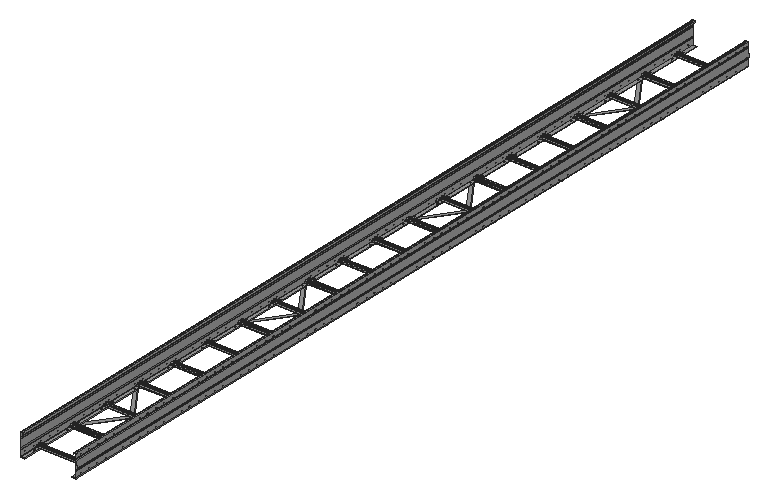
Revit family "WKLG1640", category Generic Models, Revit 2017 (continued)
Dimensions and locks
  aligned and locked: cut or joined group 1 (Extrusion 2, Extrusion 163, Extrusion 164, Extrusion 165, Extrusion 166, Extrusion 167, Extrusion 168, Extrusion 169, Extrusion 170, Extrusion 171, Extrusion 172, Extrusion 173, Extrusion 174, Extrusion 175, Extrusion 176, Extrusion 177, Extrusion 178, Extrusion 179, Extrusion 180, Extrusion 181, Extrusion 182, Extrusion 183, Extrusion 184, Extrusion 185, Extrusion 186, Extrusion 187, Extrusion 188, Extrusion 189, Extrusion 190, Extrusion 191, Extrusion 192, Extrusion 193, Extrusion 194, Extrusion 195, Extrusion 196, Extrusion 197, Extrusion 198, Extrusion 199, Extrusion 200, Extrusion 201, Extrusion 202, Extrusion 203, Extrusion 204, Extrusion 205, Extrusion 206, Extrusion 207, Extrusion 208, Extrusion 209, Extrusion 210, Extrusion 211, Extrusion 212, Extrusion 213, Extrusion 214, Extrusion 215, Extrusion 216, Extrusion 217, Extrusion 218, Extrusion 219, Extrusion 220, Extrusion 221, Extrusion 222, Extrusion 223, Extrusion 224, Extrusion 225, Extrusion 226, Extrusion 227, Extrusion 228, Extrusion 229, Extrusion 230, Extrusion 231, Extrusion 232, Extrusion 233, Extrusion 234, Extrusion 235, Extrusion 236, Extrusion 237, Extrusion 238, Extrusion 239, Extrusion 240, Extrusion 241, Extrusion 242, Extrusion 243, Extrusion 244, Extrusion 245, Extrusion 246, Extrusion 247, Extrusion 248, Extrusion 249, Extrusion 250, Extrusion 251, Extrusion 252, Extrusion 253, Extrusion 254, Extrusion 255, Extrusion 256, Extrusion 257, Extrusion 258, Extrusion 259, Extrusion 260, Extrusion 261, Extrusion 262, Extrusion 263, Extrusion 264, Extrusion 265, Extrusion 266, Extrusion 267, Extrusion 268, Extrusion 269, Extrusion 270, Extrusion 271, Extrusion 272, Extrusion 273, Extrusion 274, Extrusion 275, Extrusion 276, Extrusion 277, Extrusion 278, Extrusion 279, Extrusion 280, Extrusion 281, Extrusion 282, Extrusion 283, Extrusion 284, Extrusion 285, Extrusion 286, Extrusion 287, Extrusion 288, Extrusion 289, Extrusion 290, Extrusion 291, Extrusion 292, Extrusion 293, Extrusion 294, Extrusion 295, Extrusion 296, Extrusion 297, Extrusion 298, Extrusion 299, Extrusion 300, Extrusion 301, Extrusion 302, Extrusion 303, Extrusion 304, Extrusion 305, Extrusion 306, Extrusion 307, Extrusion 308, Extrusion 309, Extrusion 310, Extrusion 311, Extrusion 312, Extrusion 313, Extrusion 314, Extrusion 315, Extrusion 316, Extrusion 317, Extrusion 318, Extrusion 319, Extrusion 320, Extrusion 321, Extrusion 322, Extrusion 324, Extrusion 325, Extrusion 326, Extrusion 327, Extrusion 328, Extrusion 329, Extrusion 330, Extrusion 331, Extrusion 332, Extrusion 333, Extrusion 334, Extrusion 335, Extrusion 336, Extrusion 337, Extrusion 338, Extrusion 339, Extrusion 340, Extrusion 341, Extrusion 342, Extrusion 343, Extrusion 344, Extrusion 345, Extrusion 346, Extrusion 347, Extrusion 348, Extrusion 349, Extrusion 350, Extrusion 351, Extrusion 352, Extrusion 353, Extrusion 354, Extrusion 355, Extrusion 356, Extrusion 357, Extrusion 358, Extrusion 359, Extrusion 360, Extrusion 361, Extrusion 362, Extrusion 363, Extrusion 404, Extrusion 407, Extrusion 409, Extrusion 411, Extrusion 413, Extrusion 415, Extrusion 417, Extrusion 419, Extrusion 421, Extrusion 423, Extrusion 425, Extrusion 427, Extrusion 429, Extrusion 431, Extrusion 433, Extrusion 435, Extrusion 437, Extrusion 439, Extrusion 441, Extrusion 443) to cut or joined group 1
  aligned and locked: Extrusion 243 to cut or joined group 1
  aligned and locked: Extrusion 323 to Extrusion 323  (x2)
  aligned and locked: Extrusion 323 to cut or joined group 1
  aligned and locked: Extrusion 2 to Extrusion 324
  aligned and locked: Extrusion 2 to Extrusion 344
  aligned and locked: Extrusion 1 to Extrusion 364
  aligned and locked: Extrusion 1 to Extrusion 384
  aligned and locked: cut or joined group of Extrusion 323, Extrusion 404, Extrusion 407 to cut or joined group of Extrusion 323, Extrusion 404, Extrusion 407  (x2)
  aligned and locked: cut or joined group of Extrusion 1, Extrusion 3, Extrusion 4, Extrusion 5, Extrusion 6, Extrusion 7, Extrusion 8, Extrusion 9, Extrusion 10, Extrusion 11, Extrusion 12, Extrusion 13, Extrusion 14, Extrusion 15, Extrusion 16, Extrusion 17, Extrusion 18, Extrusion 19, Extrusion 20, Extrusion 21, Extrusion 22, Extrusion 23, Extrusion 24, Extrusion 25, Extrusion 26, Extrusion 27, Extrusion 28, Extrusion 29, Extrusion 30, Extrusion 31, Extrusion 32, Extrusion 33, Extrusion 34, Extrusion 35, Extrusion 36, Extrusion 37, Extrusion 38, Extrusion 39, Extrusion 40, Extrusion 41, Extrusion 42, Extrusion 43, Extrusion 44, Extrusion 45, Extrusion 46, Extrusion 47, Extrusion 48, Extrusion 49, Extrusion 50, Extrusion 51, Extrusion 52, Extrusion 53, Extrusion 54, Extrusion 55, Extrusion 56, Extrusion 57, Extrusion 58, Extrusion 59, Extrusion 60, Extrusion 61, Extrusion 62, Extrusion 63, Extrusion 64, Extrusion 65, Extrusion 66, Extrusion 67, Extrusion 68, Extrusion 69, Extrusion 70, Extrusion 71, Extrusion 72, Extrusion 73, Extrusion 74, Extrusion 75, Extrusion 76, Extrusion 77, Extrusion 78, Extrusion 79, Extrusion 80, Extrusion 81, Extrusion 82, Extrusion 83, Extrusion 84, Extrusion 85, Extrusion 86, Extrusion 87, Extrusion 88, Extrusion 89, Extrusion 90, Extrusion 91, Extrusion 92, Extrusion 93, Extrusion 94, Extrusion 95, Extrusion 96, Extrusion 97, Extrusion 98, Extrusion 99, Extrusion 100, Extrusion 101, Extrusion 102, Extrusion 103, Extrusion 104, Extrusion 105, Extrusion 106, Extrusion 107, Extrusion 108, Extrusion 109, Extrusion 110, Extrusion 111, Extrusion 112, Extrusion 113, Extrusion 114, Extrusion 115, Extrusion 116, Extrusion 117, Extrusion 118, Extrusion 119, Extrusion 120, Extrusion 121, Extrusion 122, Extrusion 123, Extrusion 124, Extrusion 125, Extrusion 126, Extrusion 127, Extrusion 128, Extrusion 129, Extrusion 130, Extrusion 131, Extrusion 132, Extrusion 133, Extrusion 134, Extrusion 135, Extrusion 136, Extrusion 137, Extrusion 138, Extrusion 139, Extrusion 140, Extrusion 141, Extrusion 142, Extrusion 143, Extrusion 144, Extrusion 145, Extrusion 146, Extrusion 147, Extrusion 148, Extrusion 149, Extrusion 150, Extrusion 151, Extrusion 152, Extrusion 153, Extrusion 154, Extrusion 155, Extrusion 156, Extrusion 157, Extrusion 158, Extrusion 159, Extrusion 160, Extrusion 161, Extrusion 162, Extrusion 163, Extrusion 364, Extrusion 365, Extrusion 366, Extrusion 367, Extrusion 368, Extrusion 369, Extrusion 370, Extrusion 371, Extrusion 372, Extrusion 373, Extrusion 374, Extrusion 375, Extrusion 376, Extrusion 377, Extrusion 378, Extrusion 379, Extrusion 380, Extrusion 381, Extrusion 382, Extrusion 383, Extrusion 384, Extrusion 385, Extrusion 386, Extrusion 387, Extrusion 388, Extrusion 389, Extrusion 390, Extrusion 391, Extrusion 392, Extrusion 393, Extrusion 394, Extrusion 395, Extrusion 396, Extrusion 397, Extrusion 398, Extrusion 399, Extrusion 400, Extrusion 401, Extrusion 402, Extrusion 403, Extrusion 404, Extrusion 407, Extrusion 409, Extrusion 411, Extrusion 413, Extrusion 415, Extrusion 417, Extrusion 419, Extrusion 421, Extrusion 423, Extrusion 425, Extrusion 427, Extrusion 429, Extrusion 431, Extrusion 433, Extrusion 435, Extrusion 437, Extrusion 439, Extrusion 441, Extrusion 443 to cut or joined group 1
  aligned and locked: Extrusion 406 to Extrusion 406  (x2)
  aligned and locked: Extrusion 408 to Extrusion 408  (x2)
  aligned and locked: Extrusion 410 to Extrusion 410  (x2)
  aligned and locked: Extrusion 412 to Extrusion 412  (x2)
  aligned and locked: Extrusion 414 to Extrusion 414  (x2)
  aligned and locked: Extrusion 416 to Extrusion 416  (x2)
  aligned and locked: Extrusion 418 to Extrusion 418  (x2)
  aligned and locked: Extrusion 420 to Extrusion 420  (x2)
  aligned and locked: Extrusion 422 to Extrusion 422  (x2)
  aligned and locked: Extrusion 424 to Extrusion 424  (x2)
  aligned and locked: Extrusion 426 to Extrusion 426  (x2)
  aligned and locked: Extrusion 428 to Extrusion 428  (x2)
  aligned and locked: Extrusion 430 to Extrusion 430  (x2)
  aligned and locked: Extrusion 432 to Extrusion 432  (x2)
  aligned and locked: Extrusion 434 to Extrusion 434  (x2)
  aligned and locked: Extrusion 436 to Extrusion 436  (x2)
  aligned and locked: Extrusion 438 to Extrusion 438  (x2)
  aligned and locked: Extrusion 440 to Extrusion 440  (x2)
  aligned and locked: Extrusion 442 to Extrusion 442  (x2)
Automatic sketch dimensions
  Extrusion 1 sketch curve to Extrusion 1 sketch curve = 0 mm  (x10)
  Extrusion 1 sketch curve to level = 0 mm
  Extrusion 1 sketch curve to plane 4 = 0 mm
  Extrusion 1 sketch curve to plane 8 = 0 mm
  Extrusion 1 sketch curve to plane 4 = 0.277 mm
  Extrusion 1 sketch curve to plane 4 = 0.63 mm
  Extrusion 1 sketch curve to plane 4 = 0.723 mm
  Extrusion 1 sketch curve to plane 4 = 0.866 mm
  Extrusion 1 sketch curve to Extrusion 1 sketch curve = 0.689 mm  (x2)
  Extrusion 1 sketch curve to Extrusion 1 sketch curve = 0.719 mm  (x2)
  Extrusion 1 sketch curve to plane 4 = 1.684 mm
  Extrusion 1 sketch curve to plane 4 = 1.695 mm
  Extrusion 1 sketch curve to plane 4 = 1.749 mm
  Extrusion 1 sketch curve to plane 4 = 1.841 mm
  Extrusion 1 sketch curve to Extrusion 1 sketch curve = 0.296 mm
  Extrusion 1 sketch curve to plane 4 = 2 mm
  Extrusion 1 sketch curve to Extrusion 1 sketch curve = 0.468 mm
  Extrusion 1 sketch curve to Extrusion 1 sketch curve = 0.591 mm
  Extrusion 1 sketch curve to Extrusion 1 sketch curve = 0.362 mm
  plane 7 to Extrusion 1 sketch curve = 1.973 mm
  Extrusion 1 sketch curve to Extrusion 1 sketch curve = 1 mm  (x2)
  plane 7 to Extrusion 1 sketch curve = 1.667 mm
  Extrusion 1 sketch curve to Extrusion 1 sketch curve = 0.781 mm
  Extrusion 1 sketch curve to Extrusion 1 sketch curve = 0.5 mm
  plane 7 to Extrusion 1 sketch curve = 1.215 mm
  plane 7 to Extrusion 1 sketch curve = 1.189 mm
  plane 7 to Extrusion 1 sketch curve = 0.979 mm
  Extrusion 1 sketch curve to Extrusion 1 sketch curve = 0.006 mm
  plane 7 to Extrusion 1 sketch curve = 0.667 mm
  Extrusion 1 sketch curve to plane 7 = 12.333 mm
  Extrusion 1 sketch curve to Extrusion 1 sketch curve = 2 mm
  level to Extrusion 1 sketch curve = 2 mm
  Extrusion 1 sketch curve to plane 7 = 30.333 mm
  plane 5 to Extrusion 1 sketch curve = 0.371 mm
  plane 8 to Extrusion 1 sketch curve = 1.939 mm
  Extrusion 1 sketch curve to Extrusion 1 sketch curve = 0.001 mm
  Extrusion 1 sketch curve to plane 6 = 5.974 mm
  Extrusion 1 sketch curve to plane 5 = 6.382 mm
  Extrusion 1 sketch curve to Extrusion 1 sketch curve = 0.004 mm  (x2)
  Extrusion 1 sketch curve to Extrusion 1 sketch curve = 1.411 mm
  Extrusion 1 sketch curve to Extrusion 1 sketch curve = 1.596 mm
  Extrusion 1 sketch curve to Extrusion 1 sketch curve = 20.87 mm
  Extrusion 1 sketch curve to Extrusion 1 sketch curve = 7 mm
  Extrusion 2 sketch curve to Extrusion 2 sketch curve = 0 mm  (x10)
  Extrusion 2 sketch curve to level = 0 mm
  Extrusion 2 sketch curve to plane 9 = 0 mm
  Extrusion 2 sketch curve to plane 13 = 0 mm
  plane 9 to Extrusion 2 sketch curve = 0.277 mm
  plane 9 to Extrusion 2 sketch curve = 0.63 mm
  plane 9 to Extrusion 2 sketch curve = 0.723 mm
  plane 9 to Extrusion 2 sketch curve = 0.866 mm
  Extrusion 2 sketch curve to Extrusion 2 sketch curve = 0.689 mm  (x2)
  Extrusion 2 sketch curve to Extrusion 2 sketch curve = 0.719 mm  (x2)
  plane 9 to Extrusion 2 sketch curve = 1.684 mm
  plane 9 to Extrusion 2 sketch curve = 1.695 mm
  plane 9 to Extrusion 2 sketch curve = 1.749 mm
  plane 9 to Extrusion 2 sketch curve = 1.841 mm
  Extrusion 2 sketch curve to Extrusion 2 sketch curve = 0.296 mm
  plane 9 to Extrusion 2 sketch curve = 2 mm
  Extrusion 2 sketch curve to Extrusion 2 sketch curve = 0.468 mm
  Extrusion 2 sketch curve to Extrusion 2 sketch curve = 0.591 mm
  Extrusion 2 sketch curve to Extrusion 2 sketch curve = 0.362 mm
  Extrusion 2 sketch curve to plane 12 = 1.973 mm
  Extrusion 2 sketch curve to Extrusion 2 sketch curve = 1 mm  (x2)
  Extrusion 2 sketch curve to plane 12 = 1.667 mm
  Extrusion 2 sketch curve to Extrusion 2 sketch curve = 0.781 mm
  Extrusion 2 sketch curve to Extrusion 2 sketch curve = 0.5 mm
  Extrusion 2 sketch curve to plane 12 = 1.215 mm
  Extrusion 2 sketch curve to plane 12 = 1.189 mm
  Extrusion 2 sketch curve to plane 12 = 0.979 mm
  Extrusion 2 sketch curve to Extrusion 2 sketch curve = 0.006 mm
  Extrusion 2 sketch curve to plane 12 = 0.667 mm
  plane 12 to Extrusion 2 sketch curve = 12.333 mm
  Extrusion 2 sketch curve to Extrusion 2 sketch curve = 2 mm
  Extrusion 2 sketch curve to level = 2 mm
  plane 12 to Extrusion 2 sketch curve = 30.333 mm
  Extrusion 2 sketch curve to plane 10 = 0.371 mm
  Extrusion 2 sketch curve to plane 13 = 1.939 mm
  Extrusion 2 sketch curve to Extrusion 2 sketch curve = 0.001 mm
  plane 11 to Extrusion 2 sketch curve = 5.974 mm
  plane 10 to Extrusion 2 sketch curve = 6.382 mm
  Extrusion 2 sketch curve to Extrusion 2 sketch curve = 0.004 mm  (x2)
  Extrusion 2 sketch curve to Extrusion 2 sketch curve = 1.411 mm
  Extrusion 2 sketch curve to Extrusion 2 sketch curve = 1.596 mm
  Extrusion 2 sketch curve to Extrusion 2 sketch curve = 20.87 mm
  Extrusion 2 sketch curve to Extrusion 2 sketch curve = 7 mm
  Extrusion 3 sketch curve to Extrusion 3 sketch curve = 0.5 mm  (x3)
  Extrusion 3 sketch curve to Extrusion 3 sketch curve = 0.537 mm
  Extrusion 4 sketch curve to Extrusion 4 sketch curve = 0.5 mm  (x3)
  Extrusion 4 sketch curve to Extrusion 4 sketch curve = 0.537 mm
  Extrusion 5 sketch curve to Extrusion 5 sketch curve = 0.5 mm  (x3)
  Extrusion 5 sketch curve to Extrusion 5 sketch curve = 0.537 mm
  Extrusion 6 sketch curve to Extrusion 6 sketch curve = 0.5 mm  (x3)
  Extrusion 6 sketch curve to Extrusion 6 sketch curve = 0.537 mm
  Extrusion 7 sketch curve to Extrusion 7 sketch curve = 0.5 mm  (x3)
  Extrusion 7 sketch curve to Extrusion 7 sketch curve = 0.537 mm
  Extrusion 8 sketch curve to Extrusion 8 sketch curve = 0.5 mm  (x3)
  Extrusion 8 sketch curve to Extrusion 8 sketch curve = 0.537 mm
  Extrusion 9 sketch curve to Extrusion 9 sketch curve = 0.5 mm  (x3)
  Extrusion 9 sketch curve to Extrusion 9 sketch curve = 0.537 mm
  Extrusion 10 sketch curve to Extrusion 10 sketch curve = 0.5 mm  (x3)
  Extrusion 10 sketch curve to Extrusion 10 sketch curve = 0.537 mm
  Extrusion 11 sketch curve to Extrusion 11 sketch curve = 0.5 mm  (x3)
  Extrusion 11 sketch curve to Extrusion 11 sketch curve = 0.537 mm
  Extrusion 12 sketch curve to Extrusion 12 sketch curve = 0.5 mm  (x3)
  Extrusion 12 sketch curve to Extrusion 12 sketch curve = 0.537 mm
  Extrusion 13 sketch curve to Extrusion 13 sketch curve = 0.5 mm  (x3)
  Extrusion 13 sketch curve to Extrusion 13 sketch curve = 0.537 mm
  Extrusion 14 sketch curve to Extrusion 14 sketch curve = 0.5 mm  (x3)
  Extrusion 14 sketch curve to Extrusion 14 sketch curve = 0.537 mm
  Extrusion 15 sketch curve to Extrusion 15 sketch curve = 0.5 mm  (x3)
  Extrusion 15 sketch curve to Extrusion 15 sketch curve = 0.537 mm
  Extrusion 16 sketch curve to Extrusion 16 sketch curve = 0.5 mm  (x3)
  Extrusion 16 sketch curve to Extrusion 16 sketch curve = 0.537 mm
  Extrusion 17 sketch curve to Extrusion 17 sketch curve = 0.5 mm  (x3)
  Extrusion 17 sketch curve to Extrusion 17 sketch curve = 0.537 mm
  Extrusion 18 sketch curve to Extrusion 18 sketch curve = 0.5 mm  (x3)
  Extrusion 18 sketch curve to Extrusion 18 sketch curve = 0.537 mm
  Extrusion 19 sketch curve to Extrusion 19 sketch curve = 0.5 mm  (x3)
  Extrusion 19 sketch curve to Extrusion 19 sketch curve = 0.537 mm
  Extrusion 20 sketch curve to Extrusion 20 sketch curve = 0.5 mm  (x3)
  Extrusion 20 sketch curve to Extrusion 20 sketch curve = 0.537 mm
  Extrusion 21 sketch curve to Extrusion 21 sketch curve = 0.5 mm  (x3)
  Extrusion 21 sketch curve to Extrusion 21 sketch curve = 0.537 mm
  Extrusion 22 sketch curve to Extrusion 22 sketch curve = 0.5 mm  (x3)
  Extrusion 22 sketch curve to Extrusion 22 sketch curve = 0.537 mm
  Extrusion 23 sketch curve to Extrusion 23 sketch curve = 0.5 mm  (x3)
  Extrusion 23 sketch curve to Extrusion 23 sketch curve = 0.537 mm
  Extrusion 24 sketch curve to Extrusion 24 sketch curve = 0.5 mm  (x3)
  Extrusion 24 sketch curve to Extrusion 24 sketch curve = 0.537 mm
  Extrusion 25 sketch curve to Extrusion 25 sketch curve = 0.5 mm  (x3)
  Extrusion 25 sketch curve to Extrusion 25 sketch curve = 0.537 mm
  Extrusion 26 sketch curve to Extrusion 26 sketch curve = 0.5 mm  (x3)
  Extrusion 26 sketch curve to Extrusion 26 sketch curve = 0.537 mm
  Extrusion 27 sketch curve to Extrusion 27 sketch curve = 0.5 mm  (x3)
  Extrusion 27 sketch curve to Extrusion 27 sketch curve = 0.537 mm
  Extrusion 28 sketch curve to Extrusion 28 sketch curve = 0.5 mm  (x3)
  Extrusion 28 sketch curve to Extrusion 28 sketch curve = 0.537 mm
  Extrusion 29 sketch curve to Extrusion 29 sketch curve = 0.5 mm  (x3)
  Extrusion 29 sketch curve to Extrusion 29 sketch curve = 0.537 mm
  Extrusion 30 sketch curve to Extrusion 30 sketch curve = 0.5 mm  (x3)
  Extrusion 30 sketch curve to Extrusion 30 sketch curve = 0.537 mm
  Extrusion 31 sketch curve to Extrusion 31 sketch curve = 0.5 mm  (x3)
  Extrusion 31 sketch curve to Extrusion 31 sketch curve = 0.537 mm
  Extrusion 32 sketch curve to Extrusion 32 sketch curve = 0.5 mm  (x3)
  Extrusion 32 sketch curve to Extrusion 32 sketch curve = 0.537 mm
  Extrusion 33 sketch curve to Extrusion 33 sketch curve = 0.5 mm  (x3)
  Extrusion 33 sketch curve to Extrusion 33 sketch curve = 0.537 mm
  Extrusion 34 sketch curve to Extrusion 34 sketch curve = 0.5 mm  (x3)
  Extrusion 34 sketch curve to Extrusion 34 sketch curve = 0.537 mm
  Extrusion 35 sketch curve to Extrusion 35 sketch curve = 0.5 mm  (x3)
  Extrusion 35 sketch curve to Extrusion 35 sketch curve = 0.537 mm
  Extrusion 36 sketch curve to Extrusion 36 sketch curve = 0.5 mm  (x3)
  Extrusion 36 sketch curve to Extrusion 36 sketch curve = 0.537 mm
  Extrusion 37 sketch curve to Extrusion 37 sketch curve = 0.5 mm  (x3)
  Extrusion 37 sketch curve to Extrusion 37 sketch curve = 0.537 mm
  Extrusion 38 sketch curve to Extrusion 38 sketch curve = 0.5 mm  (x3)
  Extrusion 38 sketch curve to Extrusion 38 sketch curve = 0.537 mm
  Extrusion 39 sketch curve to Extrusion 39 sketch curve = 0.5 mm  (x3)
  Extrusion 39 sketch curve to Extrusion 39 sketch curve = 0.537 mm
  Extrusion 40 sketch curve to Extrusion 40 sketch curve = 0.5 mm  (x3)
  Extrusion 40 sketch curve to Extrusion 40 sketch curve = 0.537 mm
  Extrusion 41 sketch curve to Extrusion 41 sketch curve = 0.5 mm  (x3)
  Extrusion 41 sketch curve to Extrusion 41 sketch curve = 0.537 mm
  Extrusion 42 sketch curve to Extrusion 42 sketch curve = 0.5 mm  (x3)
  Extrusion 42 sketch curve to Extrusion 42 sketch curve = 0.537 mm
  Extrusion 43 sketch curve to Extrusion 43 sketch curve = 0.5 mm  (x3)
  Extrusion 43 sketch curve to Extrusion 43 sketch curve = 0.537 mm
  Extrusion 44 sketch curve to Extrusion 44 sketch curve = 0.5 mm  (x3)
  Extrusion 44 sketch curve to Extrusion 44 sketch curve = 0.537 mm
  Extrusion 45 sketch curve to Extrusion 45 sketch curve = 0.5 mm  (x3)
  Extrusion 45 sketch curve to Extrusion 45 sketch curve = 0.537 mm
  Extrusion 46 sketch curve to Extrusion 46 sketch curve = 0.5 mm  (x3)
  Extrusion 46 sketch curve to Extrusion 46 sketch curve = 0.537 mm
  Extrusion 47 sketch curve to Extrusion 47 sketch curve = 0.5 mm  (x3)
  Extrusion 47 sketch curve to Extrusion 47 sketch curve = 0.537 mm
  Extrusion 48 sketch curve to Extrusion 48 sketch curve = 0.5 mm  (x3)
  Extrusion 48 sketch curve to Extrusion 48 sketch curve = 0.537 mm
  Extrusion 49 sketch curve to Extrusion 49 sketch curve = 0.5 mm  (x3)
  Extrusion 49 sketch curve to Extrusion 49 sketch curve = 0.537 mm
  Extrusion 50 sketch curve to Extrusion 50 sketch curve = 0.5 mm  (x3)
  Extrusion 50 sketch curve to Extrusion 50 sketch curve = 0.537 mm
  Extrusion 51 sketch curve to Extrusion 51 sketch curve = 0.5 mm  (x3)
  Extrusion 51 sketch curve to Extrusion 51 sketch curve = 0.537 mm
  Extrusion 52 sketch curve to Extrusion 52 sketch curve = 0.5 mm  (x3)
  Extrusion 52 sketch curve to Extrusion 52 sketch curve = 0.537 mm
  Extrusion 53 sketch curve to Extrusion 53 sketch curve = 0.5 mm  (x3)
  Extrusion 53 sketch curve to Extrusion 53 sketch curve = 0.537 mm
  Extrusion 54 sketch curve to Extrusion 54 sketch curve = 0.5 mm  (x3)
  Extrusion 54 sketch curve to Extrusion 54 sketch curve = 0.537 mm
  Extrusion 55 sketch curve to Extrusion 55 sketch curve = 0.5 mm  (x3)
  Extrusion 55 sketch curve to Extrusion 55 sketch curve = 0.537 mm
  Extrusion 56 sketch curve to Extrusion 56 sketch curve = 0.5 mm  (x3)
  Extrusion 56 sketch curve to Extrusion 56 sketch curve = 0.537 mm
  Extrusion 57 sketch curve to Extrusion 57 sketch curve = 0.5 mm  (x3)
  Extrusion 57 sketch curve to Extrusion 57 sketch curve = 0.537 mm
  Extrusion 58 sketch curve to Extrusion 58 sketch curve = 0.5 mm  (x3)
  Extrusion 58 sketch curve to Extrusion 58 sketch curve = 0.537 mm
  Extrusion 59 sketch curve to Extrusion 59 sketch curve = 0.5 mm  (x3)
  Extrusion 59 sketch curve to Extrusion 59 sketch curve = 0.537 mm
  Extrusion 60 sketch curve to Extrusion 60 sketch curve = 0.5 mm  (x3)
  Extrusion 60 sketch curve to Extrusion 60 sketch curve = 0.537 mm
  Extrusion 61 sketch curve to Extrusion 61 sketch curve = 0.5 mm  (x3)
  Extrusion 61 sketch curve to Extrusion 61 sketch curve = 0.537 mm
  Extrusion 62 sketch curve to Extrusion 62 sketch curve = 0.5 mm  (x3)
  Extrusion 62 sketch curve to Extrusion 62 sketch curve = 0.537 mm
  Extrusion 63 sketch curve to Extrusion 63 sketch curve = 0.5 mm  (x3)
  Extrusion 63 sketch curve to Extrusion 63 sketch curve = 0.537 mm
  Extrusion 64 sketch curve to Extrusion 64 sketch curve = 0.5 mm  (x3)
  Extrusion 64 sketch curve to Extrusion 64 sketch curve = 0.537 mm
  Extrusion 65 sketch curve to Extrusion 65 sketch curve = 0.5 mm  (x3)
  Extrusion 65 sketch curve to Extrusion 65 sketch curve = 0.537 mm
  Extrusion 66 sketch curve to Extrusion 66 sketch curve = 0.5 mm  (x3)
  Extrusion 66 sketch curve to Extrusion 66 sketch curve = 0.537 mm
  Extrusion 67 sketch curve to Extrusion 67 sketch curve = 0.5 mm  (x3)
  Extrusion 67 sketch curve to Extrusion 67 sketch curve = 0.537 mm
  Extrusion 68 sketch curve to Extrusion 68 sketch curve = 0.5 mm  (x3)
  Extrusion 68 sketch curve to Extrusion 68 sketch curve = 0.537 mm
  Extrusion 69 sketch curve to Extrusion 69 sketch curve = 0.5 mm  (x3)
  Extrusion 69 sketch curve to Extrusion 69 sketch curve = 0.537 mm
  Extrusion 70 sketch curve to Extrusion 70 sketch curve = 0.5 mm  (x3)
  Extrusion 70 sketch curve to Extrusion 70 sketch curve = 0.537 mm
  Extrusion 71 sketch curve to Extrusion 71 sketch curve = 0.5 mm  (x3)
  Extrusion 71 sketch curve to Extrusion 71 sketch curve = 0.537 mm
  Extrusion 72 sketch curve to Extrusion 72 sketch curve = 0.5 mm  (x3)
  Extrusion 72 sketch curve to Extrusion 72 sketch curve = 0.537 mm
  Extrusion 73 sketch curve to Extrusion 73 sketch curve = 0.5 mm  (x3)
  Extrusion 73 sketch curve to Extrusion 73 sketch curve = 0.537 mm
  Extrusion 74 sketch curve to Extrusion 74 sketch curve = 0.5 mm  (x3)
  Extrusion 74 sketch curve to Extrusion 74 sketch curve = 0.537 mm
  Extrusion 75 sketch curve to Extrusion 75 sketch curve = 0.5 mm  (x3)
  Extrusion 75 sketch curve to Extrusion 75 sketch curve = 0.537 mm
  Extrusion 76 sketch curve to Extrusion 76 sketch curve = 0.5 mm  (x3)
  Extrusion 76 sketch curve to Extrusion 76 sketch curve = 0.537 mm
  Extrusion 77 sketch curve to Extrusion 77 sketch curve = 0.5 mm  (x3)
  Extrusion 77 sketch curve to Extrusion 77 sketch curve = 0.537 mm
  Extrusion 78 sketch curve to Extrusion 78 sketch curve = 0.5 mm  (x3)
  Extrusion 78 sketch curve to Extrusion 78 sketch curve = 0.537 mm
  Extrusion 79 sketch curve to Extrusion 79 sketch curve = 0.5 mm  (x3)
  Extrusion 79 sketch curve to Extrusion 79 sketch curve = 0.537 mm
  Extrusion 80 sketch curve to Extrusion 80 sketch curve = 0.5 mm  (x3)
  Extrusion 80 sketch curve to Extrusion 80 sketch curve = 0.537 mm
  Extrusion 81 sketch curve to Extrusion 81 sketch curve = 0.5 mm  (x3)
  Extrusion 81 sketch curve to Extrusion 81 sketch curve = 0.537 mm
  Extrusion 82 sketch curve to Extrusion 82 sketch curve = 0.5 mm  (x3)
  Extrusion 82 sketch curve to Extrusion 82 sketch curve = 0.537 mm
  Extrusion 83 sketch curve to Extrusion 83 sketch curve = 0.5 mm  (x4)
  Extrusion 83 sketch curve to Extrusion 83 sketch curve = 8 mm
  Extrusion 84 sketch curve to Extrusion 84 sketch curve = 0.5 mm  (x4)
  Extrusion 84 sketch curve to Extrusion 84 sketch curve = 8 mm
  Extrusion 85 sketch curve to Extrusion 85 sketch curve = 0.5 mm  (x4)
  Extrusion 85 sketch curve to Extrusion 85 sketch curve = 8 mm
  Extrusion 86 sketch curve to Extrusion 86 sketch curve = 0.5 mm  (x4)
  Extrusion 86 sketch curve to Extrusion 86 sketch curve = 8 mm
  Extrusion 87 sketch curve to Extrusion 87 sketch curve = 0.5 mm  (x4)
  Extrusion 87 sketch curve to Extrusion 87 sketch curve = 8 mm
  Extrusion 88 sketch curve to Extrusion 88 sketch curve = 0.5 mm  (x4)
  Extrusion 88 sketch curve to Extrusion 88 sketch curve = 8 mm
  Extrusion 89 sketch curve to Extrusion 89 sketch curve = 0.5 mm  (x4)
  Extrusion 89 sketch curve to Extrusion 89 sketch curve = 8 mm
  Extrusion 90 sketch curve to Extrusion 90 sketch curve = 0.5 mm  (x4)
  Extrusion 90 sketch curve to Extrusion 90 sketch curve = 8 mm
  Extrusion 91 sketch curve to Extrusion 91 sketch curve = 0.5 mm  (x4)
  Extrusion 91 sketch curve to Extrusion 91 sketch curve = 8 mm
  Extrusion 92 sketch curve to Extrusion 92 sketch curve = 0.5 mm  (x4)
  Extrusion 92 sketch curve to Extrusion 92 sketch curve = 8 mm
  Extrusion 93 sketch curve to Extrusion 93 sketch curve = 0.5 mm  (x4)
  Extrusion 93 sketch curve to Extrusion 93 sketch curve = 8 mm
  Extrusion 94 sketch curve to Extrusion 94 sketch curve = 0.5 mm  (x4)
  Extrusion 94 sketch curve to Extrusion 94 sketch curve = 8 mm
  Extrusion 95 sketch curve to Extrusion 95 sketch curve = 0.5 mm  (x4)
  Extrusion 95 sketch curve to Extrusion 95 sketch curve = 8 mm
  Extrusion 96 sketch curve to Extrusion 96 sketch curve = 0.5 mm  (x4)
  Extrusion 96 sketch curve to Extrusion 96 sketch curve = 8 mm
  Extrusion 97 sketch curve to Extrusion 97 sketch curve = 0.5 mm  (x4)
  Extrusion 97 sketch curve to Extrusion 97 sketch curve = 8 mm
  Extrusion 98 sketch curve to Extrusion 98 sketch curve = 0.5 mm  (x4)
  Extrusion 98 sketch curve to Extrusion 98 sketch curve = 8 mm
  Extrusion 99 sketch curve to Extrusion 99 sketch curve = 0.5 mm  (x4)
  Extrusion 99 sketch curve to Extrusion 99 sketch curve = 8 mm
  Extrusion 100 sketch curve to Extrusion 100 sketch curve = 0.5 mm  (x4)
  Extrusion 100 sketch curve to Extrusion 100 sketch curve = 8 mm
  Extrusion 101 sketch curve to Extrusion 101 sketch curve = 0.5 mm  (x4)
  Extrusion 101 sketch curve to Extrusion 101 sketch curve = 8 mm
  Extrusion 102 sketch curve to Extrusion 102 sketch curve = 0.5 mm  (x4)
  Extrusion 102 sketch curve to Extrusion 102 sketch curve = 8 mm
  Extrusion 103 sketch curve to Extrusion 103 sketch curve = 0.5 mm  (x4)
  Extrusion 103 sketch curve to Extrusion 103 sketch curve = 8 mm
  Extrusion 104 sketch curve to Extrusion 104 sketch curve = 0.5 mm  (x4)
  Extrusion 104 sketch curve to Extrusion 104 sketch curve = 8 mm
  Extrusion 105 sketch curve to Extrusion 105 sketch curve = 0.5 mm  (x4)
  Extrusion 105 sketch curve to Extrusion 105 sketch curve = 8 mm
  Extrusion 106 sketch curve to Extrusion 106 sketch curve = 0.5 mm  (x4)
  Extrusion 106 sketch curve to Extrusion 106 sketch curve = 8 mm
  Extrusion 107 sketch curve to Extrusion 107 sketch curve = 0.5 mm  (x4)
  Extrusion 107 sketch curve to Extrusion 107 sketch curve = 8 mm
  Extrusion 108 sketch curve to Extrusion 108 sketch curve = 0.5 mm  (x4)
  Extrusion 108 sketch curve to Extrusion 108 sketch curve = 8 mm
  Extrusion 109 sketch curve to Extrusion 109 sketch curve = 0.5 mm  (x4)
  Extrusion 109 sketch curve to Extrusion 109 sketch curve = 8 mm
  Extrusion 110 sketch curve to Extrusion 110 sketch curve = 0.5 mm  (x4)
  Extrusion 110 sketch curve to Extrusion 110 sketch curve = 8 mm
  Extrusion 111 sketch curve to Extrusion 111 sketch curve = 0.5 mm  (x4)
  Extrusion 111 sketch curve to Extrusion 111 sketch curve = 8 mm
  Extrusion 112 sketch curve to Extrusion 112 sketch curve = 0.5 mm  (x4)
  Extrusion 112 sketch curve to Extrusion 112 sketch curve = 8 mm
  Extrusion 113 sketch curve to Extrusion 113 sketch curve = 0.5 mm  (x4)
  Extrusion 113 sketch curve to Extrusion 113 sketch curve = 8 mm
  Extrusion 114 sketch curve to Extrusion 114 sketch curve = 0.5 mm  (x4)
  Extrusion 114 sketch curve to Extrusion 114 sketch curve = 8 mm
  Extrusion 115 sketch curve to Extrusion 115 sketch curve = 0.5 mm  (x4)
  Extrusion 115 sketch curve to Extrusion 115 sketch curve = 8 mm
  Extrusion 116 sketch curve to Extrusion 116 sketch curve = 0.5 mm  (x4)
  Extrusion 116 sketch curve to Extrusion 116 sketch curve = 8 mm
  Extrusion 117 sketch curve to Extrusion 117 sketch curve = 0.5 mm  (x4)
  Extrusion 117 sketch curve to Extrusion 117 sketch curve = 8 mm
  Extrusion 118 sketch curve to Extrusion 118 sketch curve = 0.5 mm  (x4)
  Extrusion 118 sketch curve to Extrusion 118 sketch curve = 8 mm
  Extrusion 119 sketch curve to Extrusion 119 sketch curve = 0.5 mm  (x4)
  Extrusion 119 sketch curve to Extrusion 119 sketch curve = 8 mm
  Extrusion 120 sketch curve to Extrusion 120 sketch curve = 0.5 mm  (x4)
  Extrusion 120 sketch curve to Extrusion 120 sketch curve = 8 mm
  Extrusion 121 sketch curve to Extrusion 121 sketch curve = 0.5 mm  (x4)
  Extrusion 121 sketch curve to Extrusion 121 sketch curve = 8 mm
  Extrusion 122 sketch curve to Extrusion 122 sketch curve = 0.5 mm  (x4)
  Extrusion 122 sketch curve to Extrusion 122 sketch curve = 8 mm
  Extrusion 123 sketch curve to Extrusion 123 sketch curve = 0.5 mm  (x4)
  Extrusion 123 sketch curve to Extrusion 123 sketch curve = 8 mm
  Extrusion 124 sketch curve to Extrusion 124 sketch curve = 0.5 mm  (x4)
  Extrusion 124 sketch curve to Extrusion 124 sketch curve = 8 mm
  Extrusion 125 sketch curve to Extrusion 125 sketch curve = 0.5 mm  (x4)
  Extrusion 125 sketch curve to Extrusion 125 sketch curve = 8 mm
  Extrusion 126 sketch curve to Extrusion 126 sketch curve = 0.5 mm  (x4)
  Extrusion 126 sketch curve to Extrusion 126 sketch curve = 8 mm
  Extrusion 127 sketch curve to Extrusion 127 sketch curve = 0.5 mm  (x4)
  Extrusion 127 sketch curve to Extrusion 127 sketch curve = 8 mm
  Extrusion 128 sketch curve to Extrusion 128 sketch curve = 0.5 mm  (x4)
  Extrusion 128 sketch curve to Extrusion 128 sketch curve = 8 mm
  Extrusion 129 sketch curve to Extrusion 129 sketch curve = 0.5 mm  (x4)
  Extrusion 129 sketch curve to Extrusion 129 sketch curve = 8 mm
  Extrusion 130 sketch curve to Extrusion 130 sketch curve = 0.5 mm  (x4)
  Extrusion 130 sketch curve to Extrusion 130 sketch curve = 8 mm
  Extrusion 131 sketch curve to Extrusion 131 sketch curve = 0.5 mm  (x4)
  Extrusion 131 sketch curve to Extrusion 131 sketch curve = 8 mm
  Extrusion 132 sketch curve to Extrusion 132 sketch curve = 0.5 mm  (x4)
  Extrusion 132 sketch curve to Extrusion 132 sketch curve = 8 mm
  Extrusion 133 sketch curve to Extrusion 133 sketch curve = 0.5 mm  (x4)
  Extrusion 133 sketch curve to Extrusion 133 sketch curve = 8 mm
  Extrusion 134 sketch curve to Extrusion 134 sketch curve = 0.5 mm  (x4)
  Extrusion 134 sketch curve to Extrusion 134 sketch curve = 8 mm
  Extrusion 135 sketch curve to Extrusion 135 sketch curve = 0.5 mm  (x4)
  Extrusion 135 sketch curve to Extrusion 135 sketch curve = 8 mm
  Extrusion 136 sketch curve to Extrusion 136 sketch curve = 0.5 mm  (x4)
  Extrusion 136 sketch curve to Extrusion 136 sketch curve = 8 mm
  Extrusion 137 sketch curve to Extrusion 137 sketch curve = 0.5 mm  (x4)
  Extrusion 137 sketch curve to Extrusion 137 sketch curve = 8 mm
  Extrusion 138 sketch curve to Extrusion 138 sketch curve = 0.5 mm  (x4)
  Extrusion 138 sketch curve to Extrusion 138 sketch curve = 8 mm
  Extrusion 139 sketch curve to Extrusion 139 sketch curve = 0.5 mm  (x4)
  Extrusion 139 sketch curve to Extrusion 139 sketch curve = 8 mm
  Extrusion 140 sketch curve to Extrusion 140 sketch curve = 0.5 mm  (x4)
  Extrusion 140 sketch curve to Extrusion 140 sketch curve = 8 mm
  Extrusion 141 sketch curve to Extrusion 141 sketch curve = 0.5 mm  (x4)
  Extrusion 141 sketch curve to Extrusion 141 sketch curve = 8 mm
  Extrusion 142 sketch curve to Extrusion 142 sketch curve = 0.5 mm  (x4)
  Extrusion 142 sketch curve to Extrusion 142 sketch curve = 8 mm
  Extrusion 143 sketch curve to Extrusion 143 sketch curve = 0.5 mm  (x4)
  Extrusion 143 sketch curve to Extrusion 143 sketch curve = 8 mm
  Extrusion 144 sketch curve to Extrusion 144 sketch curve = 0.5 mm  (x4)
  Extrusion 144 sketch curve to Extrusion 144 sketch curve = 8 mm
  Extrusion 145 sketch curve to Extrusion 145 sketch curve = 0.5 mm  (x4)
  Extrusion 145 sketch curve to Extrusion 145 sketch curve = 8 mm
  Extrusion 146 sketch curve to Extrusion 146 sketch curve = 0.5 mm  (x4)
  Extrusion 146 sketch curve to Extrusion 146 sketch curve = 8 mm
  Extrusion 147 sketch curve to Extrusion 147 sketch curve = 0.5 mm  (x4)
  Extrusion 147 sketch curve to Extrusion 147 sketch curve = 8 mm
  Extrusion 148 sketch curve to Extrusion 148 sketch curve = 0.5 mm  (x4)
  Extrusion 148 sketch curve to Extrusion 148 sketch curve = 8 mm
  Extrusion 149 sketch curve to Extrusion 149 sketch curve = 0.5 mm  (x4)
  Extrusion 149 sketch curve to Extrusion 149 sketch curve = 8 mm
  Extrusion 150 sketch curve to Extrusion 150 sketch curve = 0.5 mm  (x4)
  Extrusion 150 sketch curve to Extrusion 150 sketch curve = 8 mm
  Extrusion 151 sketch curve to Extrusion 151 sketch curve = 0.5 mm  (x4)
  Extrusion 151 sketch curve to Extrusion 151 sketch curve = 8 mm
  Extrusion 152 sketch curve to Extrusion 152 sketch curve = 0.5 mm  (x4)
  Extrusion 152 sketch curve to Extrusion 152 sketch curve = 8 mm
  Extrusion 153 sketch curve to Extrusion 153 sketch curve = 0.5 mm  (x4)
  Extrusion 153 sketch curve to Extrusion 153 sketch curve = 8 mm
  Extrusion 154 sketch curve to Extrusion 154 sketch curve = 0.5 mm  (x4)
  Extrusion 154 sketch curve to Extrusion 154 sketch curve = 8 mm
  Extrusion 155 sketch curve to Extrusion 155 sketch curve = 0.5 mm  (x4)
  Extrusion 155 sketch curve to Extrusion 155 sketch curve = 8 mm
  Extrusion 156 sketch curve to Extrusion 156 sketch curve = 0.5 mm  (x4)
  Extrusion 156 sketch curve to Extrusion 156 sketch curve = 8 mm
  Extrusion 157 sketch curve to Extrusion 157 sketch curve = 0.5 mm  (x4)
  Extrusion 157 sketch curve to Extrusion 157 sketch curve = 8 mm
  Extrusion 158 sketch curve to Extrusion 158 sketch curve = 0.5 mm  (x4)
  Extrusion 158 sketch curve to Extrusion 158 sketch curve = 8 mm
  Extrusion 159 sketch curve to Extrusion 159 sketch curve = 0.5 mm  (x4)
  Extrusion 159 sketch curve to Extrusion 159 sketch curve = 8 mm
  Extrusion 160 sketch curve to Extrusion 160 sketch curve = 0.5 mm  (x4)
  Extrusion 160 sketch curve to Extrusion 160 sketch curve = 8 mm
  Extrusion 161 sketch curve to Extrusion 161 sketch curve = 0.5 mm  (x4)
  Extrusion 161 sketch curve to Extrusion 161 sketch curve = 8 mm
  Extrusion 162 sketch curve to Extrusion 162 sketch curve = 0.5 mm  (x4)
  Extrusion 162 sketch curve to Extrusion 162 sketch curve = 8 mm
  Extrusion 163 sketch curve to Extrusion 163 sketch curve = 0.5 mm  (x4)
  Extrusion 83 sketch curve to plane 16 = 4.5 mm
  Extrusion 164 sketch curve to Extrusion 164 sketch curve = 0.5 mm  (x4)
  Extrusion 165 sketch curve to Extrusion 165 sketch curve = 0.5 mm  (x4)
  Extrusion 166 sketch curve to Extrusion 166 sketch curve = 0.5 mm  (x4)
  Extrusion 167 sketch curve to Extrusion 167 sketch curve = 0.5 mm  (x4)
  Extrusion 168 sketch curve to Extrusion 168 sketch curve = 0.5 mm  (x4)
  Extrusion 169 sketch curve to Extrusion 169 sketch curve = 0.5 mm  (x4)
  Extrusion 170 sketch curve to Extrusion 170 sketch curve = 0.5 mm  (x4)
  Extrusion 171 sketch curve to Extrusion 171 sketch curve = 0.5 mm  (x4)
  Extrusion 172 sketch curve to Extrusion 172 sketch curve = 0.5 mm  (x4)
  Extrusion 173 sketch curve to Extrusion 173 sketch curve = 0.5 mm  (x4)
  Extrusion 174 sketch curve to Extrusion 174 sketch curve = 0.5 mm  (x4)
  Extrusion 175 sketch curve to Extrusion 175 sketch curve = 0.5 mm  (x4)
  Extrusion 176 sketch curve to Extrusion 176 sketch curve = 0.5 mm  (x4)
  Extrusion 177 sketch curve to Extrusion 177 sketch curve = 0.5 mm  (x4)
  Extrusion 178 sketch curve to Extrusion 178 sketch curve = 0.5 mm  (x4)
  Extrusion 179 sketch curve to Extrusion 179 sketch curve = 0.5 mm  (x4)
  Extrusion 180 sketch curve to Extrusion 180 sketch curve = 0.5 mm  (x4)
  Extrusion 181 sketch curve to Extrusion 181 sketch curve = 0.5 mm  (x4)
  Extrusion 182 sketch curve to Extrusion 182 sketch curve = 0.5 mm  (x4)
  Extrusion 183 sketch curve to Extrusion 183 sketch curve = 0.5 mm  (x4)
  Extrusion 184 sketch curve to Extrusion 184 sketch curve = 0.5 mm  (x4)
  Extrusion 185 sketch curve to Extrusion 185 sketch curve = 0.5 mm  (x4)
  Extrusion 186 sketch curve to Extrusion 186 sketch curve = 0.5 mm  (x4)
  Extrusion 187 sketch curve to Extrusion 187 sketch curve = 0.5 mm  (x4)
  Extrusion 188 sketch curve to Extrusion 188 sketch curve = 0.5 mm  (x4)
  Extrusion 189 sketch curve to Extrusion 189 sketch curve = 0.5 mm  (x4)
  Extrusion 190 sketch curve to Extrusion 190 sketch curve = 0.5 mm  (x4)
  Extrusion 191 sketch curve to Extrusion 191 sketch curve = 0.5 mm  (x4)
  Extrusion 192 sketch curve to Extrusion 192 sketch curve = 0.5 mm  (x4)
  Extrusion 193 sketch curve to Extrusion 193 sketch curve = 0.5 mm  (x4)
  Extrusion 194 sketch curve to Extrusion 194 sketch curve = 0.5 mm  (x4)
  Extrusion 195 sketch curve to Extrusion 195 sketch curve = 0.5 mm  (x4)
  Extrusion 196 sketch curve to Extrusion 196 sketch curve = 0.5 mm  (x4)
  Extrusion 197 sketch curve to Extrusion 197 sketch curve = 0.5 mm  (x4)
  Extrusion 198 sketch curve to Extrusion 198 sketch curve = 0.5 mm  (x4)
  Extrusion 199 sketch curve to Extrusion 199 sketch curve = 0.5 mm  (x4)
  Extrusion 200 sketch curve to Extrusion 200 sketch curve = 0.5 mm  (x4)
  Extrusion 201 sketch curve to Extrusion 201 sketch curve = 0.5 mm  (x4)
  Extrusion 202 sketch curve to Extrusion 202 sketch curve = 0.5 mm  (x4)
  Extrusion 203 sketch curve to Extrusion 203 sketch curve = 0.5 mm  (x4)
  Extrusion 204 sketch curve to Extrusion 204 sketch curve = 0.5 mm  (x4)
  Extrusion 205 sketch curve to Extrusion 205 sketch curve = 0.5 mm  (x4)
  Extrusion 206 sketch curve to Extrusion 206 sketch curve = 0.5 mm  (x4)
  Extrusion 207 sketch curve to Extrusion 207 sketch curve = 0.5 mm  (x4)
  Extrusion 208 sketch curve to Extrusion 208 sketch curve = 0.5 mm  (x4)
  Extrusion 209 sketch curve to Extrusion 209 sketch curve = 0.5 mm  (x4)
  Extrusion 210 sketch curve to Extrusion 210 sketch curve = 0.5 mm  (x4)
  Extrusion 211 sketch curve to Extrusion 211 sketch curve = 0.5 mm  (x4)
  Extrusion 212 sketch curve to Extrusion 212 sketch curve = 0.5 mm  (x4)
  Extrusion 213 sketch curve to Extrusion 213 sketch curve = 0.5 mm  (x4)
  Extrusion 214 sketch curve to Extrusion 214 sketch curve = 0.5 mm  (x4)
  Extrusion 215 sketch curve to Extrusion 215 sketch curve = 0.5 mm  (x4)
  Extrusion 216 sketch curve to Extrusion 216 sketch curve = 0.5 mm  (x4)
  Extrusion 217 sketch curve to Extrusion 217 sketch curve = 0.5 mm  (x4)
  Extrusion 218 sketch curve to Extrusion 218 sketch curve = 0.5 mm  (x4)
  Extrusion 219 sketch curve to Extrusion 219 sketch curve = 0.5 mm  (x4)
  Extrusion 220 sketch curve to Extrusion 220 sketch curve = 0.5 mm  (x4)
  Extrusion 221 sketch curve to Extrusion 221 sketch curve = 0.5 mm  (x4)
  Extrusion 222 sketch curve to Extrusion 222 sketch curve = 0.5 mm  (x4)
  Extrusion 223 sketch curve to Extrusion 223 sketch curve = 0.5 mm  (x4)
  Extrusion 224 sketch curve to Extrusion 224 sketch curve = 0.5 mm  (x4)
  Extrusion 225 sketch curve to Extrusion 225 sketch curve = 0.5 mm  (x4)
  Extrusion 226 sketch curve to Extrusion 226 sketch curve = 0.5 mm  (x4)
  Extrusion 227 sketch curve to Extrusion 227 sketch curve = 0.5 mm  (x4)
  Extrusion 228 sketch curve to Extrusion 228 sketch curve = 0.5 mm  (x4)
  Extrusion 229 sketch curve to Extrusion 229 sketch curve = 0.5 mm  (x4)
  Extrusion 230 sketch curve to Extrusion 230 sketch curve = 0.5 mm  (x4)
  Extrusion 231 sketch curve to Extrusion 231 sketch curve = 0.5 mm  (x4)
  Extrusion 232 sketch curve to Extrusion 232 sketch curve = 0.5 mm  (x4)
  Extrusion 233 sketch curve to Extrusion 233 sketch curve = 0.5 mm  (x4)
  Extrusion 234 sketch curve to Extrusion 234 sketch curve = 0.5 mm  (x4)
  Extrusion 235 sketch curve to Extrusion 235 sketch curve = 0.5 mm  (x4)
  Extrusion 236 sketch curve to Extrusion 236 sketch curve = 0.5 mm  (x4)
  Extrusion 237 sketch curve to Extrusion 237 sketch curve = 0.5 mm  (x4)
  Extrusion 238 sketch curve to Extrusion 238 sketch curve = 0.5 mm  (x4)
  Extrusion 239 sketch curve to Extrusion 239 sketch curve = 0.5 mm  (x4)
  Extrusion 240 sketch curve to Extrusion 240 sketch curve = 0.5 mm  (x4)
  Extrusion 241 sketch curve to Extrusion 241 sketch curve = 0.5 mm  (x4)
  Extrusion 242 sketch curve to Extrusion 242 sketch curve = 0.5 mm  (x4)
  Extrusion 243 sketch curve to Extrusion 243 sketch curve = 0.5 mm  (x4)
  Extrusion 3 sketch curve to plane 14 = 4 mm
  Extrusion 3 sketch curve to plane 15 = 12.5 mm
  Extrusion 244 sketch curve to Extrusion 244 sketch curve = 0.5 mm  (x4)
  Extrusion 245 sketch curve to Extrusion 245 sketch curve = 0.5 mm  (x4)
  Extrusion 246 sketch curve to Extrusion 246 sketch curve = 0.5 mm  (x4)
  Extrusion 247 sketch curve to Extrusion 247 sketch curve = 0.5 mm  (x4)
  Extrusion 248 sketch curve to Extrusion 248 sketch curve = 0.5 mm  (x4)
  Extrusion 249 sketch curve to Extrusion 249 sketch curve = 0.5 mm  (x4)
  Extrusion 250 sketch curve to Extrusion 250 sketch curve = 0.5 mm  (x4)
  Extrusion 251 sketch curve to Extrusion 251 sketch curve = 0.5 mm  (x4)
  Extrusion 252 sketch curve to Extrusion 252 sketch curve = 0.5 mm  (x4)
  Extrusion 253 sketch curve to Extrusion 253 sketch curve = 0.5 mm  (x4)
  Extrusion 254 sketch curve to Extrusion 254 sketch curve = 0.5 mm  (x4)
  Extrusion 255 sketch curve to Extrusion 255 sketch curve = 0.5 mm  (x4)
  Extrusion 256 sketch curve to Extrusion 256 sketch curve = 0.5 mm  (x4)
  Extrusion 257 sketch curve to Extrusion 257 sketch curve = 0.5 mm  (x4)
  Extrusion 258 sketch curve to Extrusion 258 sketch curve = 0.5 mm  (x4)
